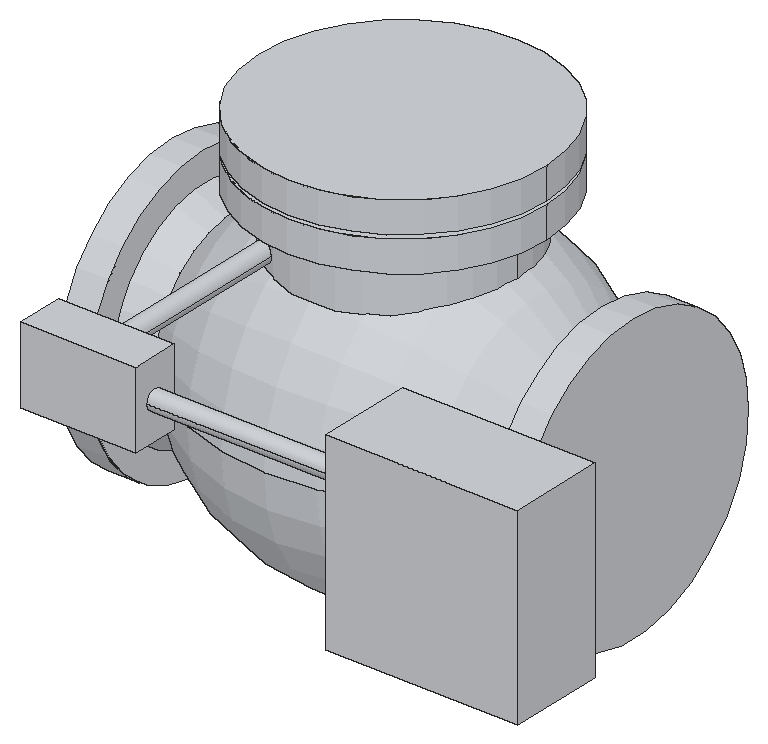
Revit family "060b66bc0cba48f9b4f223a78a201ff5", category Pipe Accessories, Revit 2021
Family settings
  Round Connector Dimension = Use Radius
  Part Type = Valve - Breaks Into
  OmniClass Number = 23.65.55.14.17
  OmniClass Title = Adjusting/Controlling Valves for Liquid Services
  Work Plane-Based = No
  Always vertical = Yes
  Cut with Voids When Loaded = No
  Shared = No
Parameters (values of type "2.5"")
  Weight = 0.00 lbm
  Valve Material = none
  Symbol Length = 0.5 * Valve Length * tan(30.00°)  # 3.4641"
  Stem Radius = Valve Length / 10  # 1.2"
  Length 8 = Bonnet Radius - 3/4"  # 2 31/128"
  Length 7 = Flange Thickness * 1.25  # 1 1/64"
  Length 6 = Length 4 + Length 5 / 2  # 6.05454"
  Length 5 = Length 3 * Length 3 / Length 4  # 4.69501"
  Length 4 = Belly Radius - Body Radius * 0.5  # 3 181/256"
  Length 3 = Valve Length / 2 - Flange Thickness - Length 7  # 4 11/64"
  Length 2 = Stem Radius + 1"  # 2.2"
  Length 1 = Flange Radius  # 3.74023"
  Default Elevation = 0"
  Counterweight Y Offset = 10"
  Counterweight Width = if(Nominal Diameter < 10", 2 1/2", 5")  # 2 1/2"
  Counterweight Height = if(Nominal Diameter < 10", 5", 9")  # 5"
  Flange Diameter = 7 123/256"
  Valve Depth = 5"
  Body Radius = Nominal Radius * 1.05 + 1/4"  # 1 9/16"
  Valve Height = 7"
  Nominal Radius = 1 1/4"
  Nominal Diameter = Nominal Radius * 2  # 2 1/2"
  K Coefficient = 7
  Counterweight Length = if(Nominal Diameter < 10", 5", 9")  # 5"
  Hand Wheel Material = none
  Flange Thickness = 13/16"
  Flange Radius = Flange Diameter / 2  # 3.74023"
  Bonnet Radius = Length 1 * 0.8  # 2 127/128"
  Bonnet Height = Valve Height - 2 * Flange Thickness - 3" / 32 - 1/2"  # 4 25/32"
  Valve Length = 12"
  Belly Radius = Flange Radius * 1.2  # 4 125/256"
  Counterweight X Offset = 5"
Reference planes (in)
  plane 1 "Center (Front/Back)": y = 0
  plane 2: z = 0
  plane 3 "Center (Left/Right)": x = 0
  plane 4: x = -6
  plane 5: x = 6
  plane 6: x = -5.1875
  plane 7: x = 5.1875
  plane 8: z = 4.78125
  plane 9: y = 3.74023
  plane 10: y = -3.74023
  plane 11: z = 5.59375
  plane 12: z = 5.69375
  plane 13: z = 6.50625
  plane 14: z = 5.41558
  plane 15: z = -5
  plane 16: y = -3.4641
  plane 17: y = 3.4641
  plane 18: x = 2.2
  plane 19: x = 1.2
  plane 20: y = -10
  plane 21: y = -2.2
  plane 22: y = 1.5625
  plane 23: y = -1.56625
  plane 24: y = 4.48828
  plane 25: x = -4.17187
  plane 26: x = 4.17188
  plane 27: x = 11
  plane 28: z = 3.78125
  plane 29: z = 0.41558
  plane 30: z = 7
  plane 31: x = -1.5625
  plane 32: y = -8.75
  plane 33: y = -7.5
Forms (in)
  Extrusion 1, solid, material <- "Valve Material", detail levels fine
    sketch origin (0, 0, 0) x (0, 1, 0) y (0, 0, 1)
      loop
        circle (0, 0) r 3.74023
    from -6 to -5.1875
  Extrusion 2, solid, material <- "Valve Material", detail levels fine
    sketch origin (0, 0, 0) x (0, 1, 0) y (0, 0, 1)
      loop
        circle (0, 0) r 3.74023
    from 5.1875 to 6
  Extrusion 3, solid, material <- "Valve Material", detail levels fine
    sketch origin (0, 0, 0) x (1, 0, 0) y (0, 1, 0)
      loop
        circle (0, 0) r 2.99219
    from 0 to 4.78125
  Extrusion 4, solid, material <- "Valve Material", detail levels fine
    sketch origin (0, 0, 0) x (1, 0, 0) y (0, 1, 0)
      loop
        circle (0, 0) r 3.74023
    from 4.78125 to 5.59375
  Extrusion 5, solid, material <- "Valve Material", detail levels fine
    sketch origin (0, 0, 0) x (1, 0, 0) y (0, 1, 0)
      loop
        circle (0, 0) r 3.74023
    from 5.69375 to 6.50625
  Extrusion 6, solid, material <- "Valve Material", detail levels fine
    sketch origin (0, 0, 0) x (1, 0, 0) y (0, 1, 0)
      loop
        circle (0, 0) r 1.2
    from -5 to 0
  Extrusion 7, solid, material <- "Hand Wheel Material", detail levels fine
    sketch origin (0, 0, 0) x (1, 0, 0) y (0, 1, 0)
      loop
        line (6, -7.5) -> (6, -10) -> (11, -10) -> (11, -7.5) -> (6, -7.5)
    from 0.41558 to 5.41558
  Revolve 8, solid, material <- "Valve Material", detail levels fine
    sketch origin (0, 0, 0) x (1, 0, 0) y (0, 1, 0)
      loop
        line (-5.1875, 0) -> (5.1875, 0) -> (5.1875, 2.995) -> (4.43189, 2.55876)
        arc (4.43189, 2.55876) -> (0, 4.48828) -> (-4.43189, 2.55876) r 6.05454
        line (-4.43189, 2.55876) -> (-5.1875, 2.995) -> (-5.1875, 0)
      axis (-5.1875, 0) -> (5.1875, 0)
    angle from 0 to 360
  Extrusion 9, solid, material <- "Hand Wheel Material", detail levels fine
    sketch origin (0, 0, 0) x (1, 0, 0) y (0, 0, 1)
      loop
        circle (-1.5625, 3.78125) r 0.25
    from 0 to 8.75
  Extrusion 10, solid, material <- "Hand Wheel Material", detail levels fine
    sketch origin (8.31725, -180, 3.78125) x (-1, 0, 0) y (0, -1, 0)
      loop
        line (10.80537, -171.90019) -> (10.80537, -170.65019) -> (7.80537, -170.65019) -> (7.80537, -171.90019) -> (10.80537, -171.90019)
    from -1 to 1
  Extrusion 11, solid, material <- "Hand Wheel Material", detail levels fine
    sketch origin (0, 0, 0) x (0, 1, 0) y (0, 0, 1)
      loop
        circle (-8.75, 3.78125) r 0.25
    from 0.51189 to 6
Cuts and joins
  joined: Extrusion 1, Extrusion 2
Lines and regions (in)
  model lines, detail levels coarse+medium
    curve 1: line (-6, 3.4641, 0) -> (-6, -3.4641, 0)
    curve 2: line (6, 3.4641, 0) -> (6, -3.4641, 0)
    curve 3: line (6, -3.4641, 0) -> (-6, 3.4641, 0)
    curve 4: line (-6, -3.4641, 0) -> (0, 0, 0)
Dimensions and locks (in)
  "Bonnet Height": plane 8 to plane 2
  equal spacing: plane 9, plane 1 "Center (Front/Back)", plane 10
  "Flange Radius": plane 9 to plane 1 "Center (Front/Back)"
  equal spacing: plane 4, plane 3 "Center (Left/Right)", plane 5
  "Valve Length": plane 4 to plane 5
  "Flange Thickness": plane 4 to plane 6
  "Flange Thickness": plane 7 to plane 5
  "Flange Thickness": plane 11 to plane 8
  locked: plane 12 to plane 11 at 0.1
  "Flange Thickness": plane 13 to plane 12
  "Valve Depth": plane 2 to plane 15
  "Symbol Length": plane 17 to plane 1 "Center (Front/Back)"
  "Symbol Length": plane 1 "Center (Front/Back)" to plane 16
  "Length 2": plane 3 "Center (Left/Right)" to plane 18
  "Counterweight Y Offset": plane 1 "Center (Front/Back)" to plane 20
  locked: plane 19 to plane 18 at 1
  "Length 2": plane 1 "Center (Front/Back)" to plane 21
  "Body Radius": plane 22 to plane 1 "Center (Front/Back)"
  "Length 6": plane 24 to plane 23
  "Belly Radius": plane 24 to plane 1 "Center (Front/Back)"
  "Length 7": plane 6 to plane 25
  "Length 7": plane 26 to plane 7
  "Counterweight X Offset": plane 5 to plane 27
  "Counterweight Length": Extrusion 7 sketch curve to Extrusion 7 sketch curve
  "Counterweight Width": Extrusion 7 sketch curve to Extrusion 7 sketch curve
  locked: plane 8 to plane 28 at 1
  "Counterweight Height": plane 14 to plane 29
  locked: plane 14 to plane 28 at 1.63433
  "Valve Height": plane 30 to level
  "Body Radius": plane 31 to plane 3 "Center (Left/Right)"
  "Counterweight Width": plane 33 to plane 20
  equal spacing: plane 33, plane 32, plane 20
  "Flange Radius": radius of Extrusion 1 sketch curve
  "Flange Radius": radius of Extrusion 2 sketch curve
  "Bonnet Radius": radius of Extrusion 3 sketch curve
  "Stem Radius": radius of Extrusion 6 sketch curve
  "Length 6": radius of Revolve 8 sketch curve
  "Length 1": radius of Extrusion 4 sketch curve
  aligned and locked: plane 1 "Center (Front/Back)" to Extrusion 1 sketch curve
  aligned and locked: plane 2 to Extrusion 1 sketch curve
  aligned and locked: Extrusion 1 to plane 4
  aligned and locked: plane 6 to Extrusion 1
  aligned and locked: plane 1 "Center (Front/Back)" to Extrusion 2 sketch curve
  aligned and locked: plane 2 to Extrusion 2 sketch curve
  aligned and locked: plane 7 to Extrusion 2
  aligned and locked: plane 5 to Extrusion 2
  aligned and locked: plane 3 "Center (Left/Right)" to Extrusion 3 sketch curve
  aligned and locked: plane 1 "Center (Front/Back)" to Extrusion 3 sketch curve
  aligned and locked: plane 8 to Extrusion 3
  aligned and locked: Extrusion 3 to plane 2
  aligned and locked: cut or joined group of Extrusion 1, Extrusion 2 to plane 4
  aligned and locked: plane 5 to cut or joined group of Extrusion 1, Extrusion 2
  aligned and locked: Extrusion 4 to plane 8
  aligned and locked: plane 11 to Extrusion 4
  aligned and locked: Extrusion 5 to plane 12
  aligned and locked: plane 13 to Extrusion 5
  aligned and locked: plane 3 "Center (Left/Right)" to Extrusion 6 sketch curve
  aligned and locked: plane 1 "Center (Front/Back)" to Extrusion 6 sketch curve
  aligned and locked: Extrusion 6 to plane 15
  aligned and locked: curve 1 to plane 4
  aligned and locked: plane 16 to curve 1
  aligned and locked: plane 17 to curve 1
  aligned and locked: plane 17 to curve 2
  aligned and locked: plane 16 to curve 2
  aligned and locked: plane 14 to Extrusion 7
  aligned and locked: plane 1 "Center (Front/Back)" to Revolve 8 sketch curve
  aligned and locked: plane 3 "Center (Left/Right)" to Revolve 8 sketch curve
  aligned and locked: plane 23 to Revolve 8 sketch curve
  aligned and locked: plane 3 "Center (Left/Right)" to Extrusion 4 sketch curve
  aligned and locked: plane 1 "Center (Front/Back)" to Extrusion 4 sketch curve
  aligned and locked: Extrusion 5 sketch curve to Extrusion 4
  aligned and locked: Revolve 8 sketch curve to curve 3
  aligned and locked: curve 4 to Revolve 8 sketch curve
  aligned and locked: Revolve 8 sketch curve to plane 6
  aligned and locked: Revolve 8 sketch curve to plane 7
  aligned and locked: level to Extrusion 6
  aligned and locked: plane 20 to Extrusion 7 sketch curve
  aligned and locked: Extrusion 7 sketch curve to plane 27
  aligned and locked: Extrusion 7 to plane 29
  aligned and locked: plane 31 to Extrusion 9 sketch curve
  aligned and locked: plane 28 to Extrusion 9 sketch curve
  aligned and locked: Extrusion 9 to plane 1 "Center (Front/Back)"
  aligned and locked: Extrusion 9 to plane 32
  aligned and locked: Extrusion 11 to Extrusion 10
  aligned and locked: Extrusion 11 to Extrusion 7
Automatic sketch dimensions
  plane 1 "Center (Front/Back)" to Revolve 8 sketch curve = 0"
  Revolve 8 sketch curve to Revolve 8 sketch curve = 9.65511"
  plane 5 to Revolve 8 sketch curve = 8.78239"
  plane 3 "Center (Left/Right)" to Extrusion 10 sketch curve = 0.51189"
  Extrusion 10 sketch curve to plane 31 = 0.92561"
  Extrusion 10 sketch curve to plane 33 = 0.59981"
  Extrusion 10 sketch curve to plane 32 = 0.59981"
  Extrusion 11 sketch curve to plane 28 = 0"
  Extrusion 11 sketch curve to plane 32 = 0"
  plane 1 "Center (Front/Back)" to curve 4 = 0"
  curve 3 to plane 5 = 0"
  radius of Extrusion 9 sketch curve = 1/4"
  radius of Extrusion 11 sketch curve = 1/4"
Connectors (in)
  piping at (-6, 0, 0), diameter 2.5, driven by "Nominal Radius"
    settings: on cut or joined group of Extrusion 1, Extrusion 2, index 1, connector inside diameter 2", connector length 0", flow factor 0, pipe flow 0 GPM, pressure drop 0.00 psi, fitting loss kfactor 0, connector angle 0.00°, fixture units 0, engagement length 0", angle of deflection 0.00°, flow configuration 0, flow direction 1, fitting loss method 2, system type 29, joint type 0, gender type 0, connector reference index 2, connector utility 0, adjustable connector no, is connector primary yes, connector description "In"
  piping at (6, 0, 0), diameter 2.5, driven by "K Coefficient", driven by "Nominal Radius"
    settings: on cut or joined group of Extrusion 1, Extrusion 2, index 2, connector inside diameter 2", connector length 0", flow factor 0, pipe flow 0 GPM, pressure drop 0.00 psi, fitting loss kfactor 7, connector angle 0.00°, fixture units 0, engagement length 0", angle of deflection 0.00°, flow configuration 0, flow direction 2, fitting loss method 2, system type 29, joint type 0, gender type 0, connector reference index 1, connector utility 0, adjustable connector no, is connector primary no, connector description "Out"
